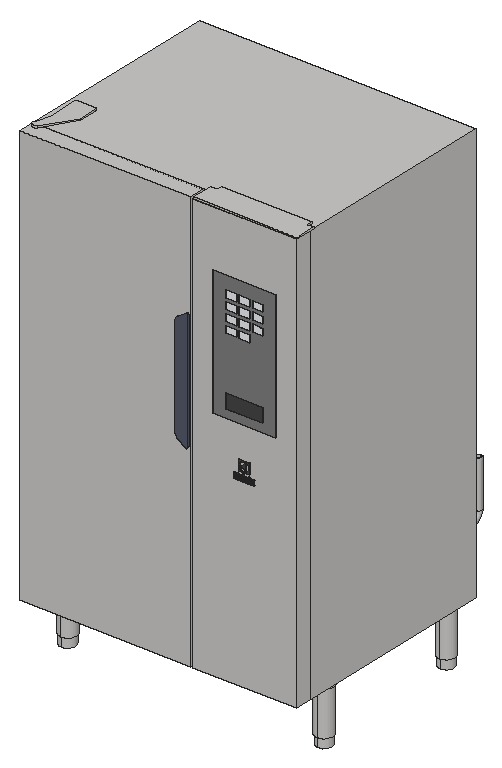
Revit family "QF_ELECTROLUXPROFESSIONAL_725165_EBFA21RECO", category Specialty Equipment, Revit 2018
Family settings
  Round Connector Dimension = Use Diameter
  Part Type = Normal
  Work Plane-Based = No
  Always vertical = Yes
  Cut with Voids When Loaded = No
  Shared = No
  Room Calculation Point = No
Parameters
  Weight = 41.1492 lbm
  Watts = 0 W
  Volts = 0 V
  URL Manufacturer = ""
  URL = "http://professional.electrolux.com/"
  Steam Supply Size = 0"
  Steam Supply Minimum Pressure = 0.00 psi
  Steam Supply Maximum Pressure = 0.00 psi
  Steam Pounds per Hour = 0
  Refrigeration Suction Line Size = 0.05249"
  Refrigeration Liquid Line Size = 0.03117"
  Refrigerant Compressor Remote = yes
  Phase = 0
  Model = "AOF4011RD"
  Manufacturer = "Electrolux"
  Length Actual = 1040.0 mm  # constant formula
  Item Number = ""
  Hot Water Size = 0"
  Height Actual = 1741.0 mm  # constant formula
  HP = "4 HP"
  Gas Size = 0"
  Gas KW = 0
  Gas Input Pressure = 0.0 Btu/h
  Direct Waste Size = 1/2"
  Description = "BLAST CH/FRE ROLL-IN 2x20GN1/1 LW RD-USB"
  Depth Actual = 850.0 mm  # constant formula
  Cycle = 0 Hz
  Condensate Return Size = 0"
  Compressed Air Volume = 0 GPM
  Compressed Air Size = 0"
  Compressed Air Pressure = 0.00 psi
  Cold Water Size = 0"
  Accessory = yes
Reference planes
  plane 1 "BACK": y = -64
  plane 2: z = 0
  plane 3 "LEFT": x = 0
  plane 4 "RIGHT": x = 1040
  plane 5 "FRONT": y = -910.5
  plane 6 "TOP": z = 1793
  plane 7 "Center Y": x = 520
  plane 8 "Center X": y = -487.25
  plane 9: y = -1479
  plane 10 "EIz": z = 415
  plane 11 "BASE": z = 210
  plane 12 "FeetBack": y = -139.4
  plane 13: y = -733.5
  plane 14 "FeetLeftFront": x = 37.5
  plane 15: x = 1002.5
  plane 16 "FeetLeftBack": x = 52
  plane 17: x = 988
  plane 18 "RIx": x = 730
  plane 19 "ROx": x = 946
  plane 20 "RIz": z = 365.61
  plane 21 "DrainX": x = 633.5
  plane 22 "DrainY": y = -444
Forms (mm)
  Extrusion 1, solid, material "QF_Finishes_Stainless Steel"
    sketch origin (0, 0, 0) x (0, 1, 0) y (0, 0, 1)
      loop
        line (-64, 210.1) -> (-64, 1793) -> (-848.747, 1793) -> (-848.747, 210.1) -> (-64, 210.1)
    from 0 to 1040
  Extrusion 2, solid, material "QF_Finishes_Stainless Steel"
    sketch origin (651.118, -910.5, 0) x (1, 0, 0) y (0, 0, 1)
      loop
        line (-651.118, 1793) -> (-651.118, 828.78) -> (-651.118, 210.1) -> (-9.962, 210.1) -> (-9.962, 1793) -> (-651.118, 1793)
    from 0 to -61.753
  Extrusion 3, solid, material "QF_Finishes_Stainless Steel"
    sketch origin (651.118, -910.5, 0) x (1, 0, 0) y (0, 0, 1)
      loop
        line (0, 210.1) -> (388.882, 210.1) -> (388.882, 1793) -> (0, 1793) -> (0, 210.1)
      loop
        line (74.695, 1577.188) -> (74.695, 1094.488) -> (312.395, 1094.488) -> (312.395, 1577.188) -> (74.695, 1577.188)
    from 0 to -61.753
  Extrusion 4, solid, material "QF_Finishes_Grey"
    sketch origin (651.118, -910.5, 81.083) x (1, 0, 0) y (0, 0, 1)
      loop
        line (312.395, 1496.105) -> (74.695, 1496.105) -> (74.695, 1013.405) -> (312.395, 1013.405) -> (312.395, 1496.105)
      loop
        line (263.545, 1046.973) -> (263.545, 1098.955) -> (123.545, 1098.955) -> (123.545, 1046.973) -> (263.545, 1046.973)
      loop
        line (173.545, 1446.105) -> (173.545, 1421.105) -> (213.545, 1421.105) -> (213.545, 1446.105) -> (173.545, 1446.105)
      loop
        line (223.545, 1446.105) -> (223.545, 1421.105) -> (263.545, 1421.105) -> (263.545, 1446.105) -> (223.545, 1446.105)
      loop
        line (163.545, 1446.105) -> (123.545, 1446.105) -> (123.545, 1421.105) -> (163.545, 1421.105) -> (163.545, 1446.105)
      loop
        line (173.545, 1406.105) -> (173.545, 1381.105) -> (213.545, 1381.105) -> (213.545, 1406.105) -> (173.545, 1406.105)
      loop
        line (223.545, 1406.105) -> (223.545, 1381.105) -> (263.545, 1381.105) -> (263.545, 1406.105) -> (223.545, 1406.105)
      loop
        line (163.545, 1406.105) -> (123.545, 1406.105) -> (123.545, 1381.105) -> (163.545, 1381.105) -> (163.545, 1406.105)
      loop
        line (173.545, 1366.105) -> (173.545, 1341.105) -> (213.545, 1341.105) -> (213.545, 1366.105) -> (173.545, 1366.105)
      loop
        line (223.545, 1366.105) -> (223.545, 1341.105) -> (263.545, 1341.105) -> (263.545, 1366.105) -> (223.545, 1366.105)
      loop
        line (163.545, 1366.105) -> (123.545, 1366.105) -> (123.545, 1341.105) -> (163.545, 1341.105) -> (163.545, 1366.105)
      loop
        line (173.545, 1326.105) -> (173.545, 1301.105) -> (213.545, 1301.105) -> (213.545, 1326.105) -> (173.545, 1326.105)
      loop
        line (163.545, 1326.105) -> (123.545, 1326.105) -> (123.545, 1301.105) -> (163.545, 1301.105) -> (163.545, 1326.105)
    from 0 to -61.753
  Extrusion 5, solid, material "QF_Door-Drawer Clearances", detail levels coarse
    sketch origin (-360, -1275, 0) x (1, 0, 0) y (0, 1, 0)
      loop
        line (394.7, 364.5) -> (394.7, -204)
        arc (394.7, -204) -> (806.39, -35.454) -> (1001.155, 364.5) r 623.917
        line (1001.155, 364.5) -> (394.7, 364.5)
    from 210.1 to 1793
  Extrusion 6, solid, material "QF_Door-Drawer Clearances", detail levels coarse
    sketch origin (-360, -1275, 0) x (1, 0, 0) y (0, 1, 0)
      loop
        line (394.7, -204) -> (394.7, -179) -> (409.7, -179) -> (409.7, 364.229) -> (359.85, 364.229) -> (359.85, 436) -> (325, 436) -> (325, -204) -> (394.7, -204)
    from 210.1 to 1793
  Extrusion 7, solid, material "QF_Finishes_White"
    sketch origin (651.118, -910.5, 81.083) x (1, 0, 0) y (0, 0, 1)
      loop
        line (123.545, 1446.105) -> (123.545, 1421.105) -> (163.545, 1421.105) -> (163.545, 1446.105) -> (123.545, 1446.105)
      loop
        line (173.545, 1446.105) -> (173.545, 1421.105) -> (213.545, 1421.105) -> (213.545, 1446.105) -> (173.545, 1446.105)
      loop
        line (223.545, 1446.105) -> (223.545, 1421.105) -> (263.545, 1421.105) -> (263.545, 1446.105) -> (223.545, 1446.105)
      loop
        line (123.545, 1406.105) -> (123.545, 1381.105) -> (163.545, 1381.105) -> (163.545, 1406.105) -> (123.545, 1406.105)
      loop
        line (173.545, 1406.105) -> (173.545, 1381.105) -> (213.545, 1381.105) -> (213.545, 1406.105) -> (173.545, 1406.105)
      loop
        line (223.545, 1406.105) -> (223.545, 1381.105) -> (263.545, 1381.105) -> (263.545, 1406.105) -> (223.545, 1406.105)
      loop
        line (123.545, 1366.105) -> (123.545, 1341.105) -> (163.545, 1341.105) -> (163.545, 1366.105) -> (123.545, 1366.105)
      loop
        line (173.545, 1366.105) -> (173.545, 1341.105) -> (213.545, 1341.105) -> (213.545, 1366.105) -> (173.545, 1366.105)
      loop
        line (223.545, 1366.105) -> (223.545, 1341.105) -> (263.545, 1341.105) -> (263.545, 1366.105) -> (223.545, 1366.105)
      loop
        line (123.545, 1326.105) -> (123.545, 1301.105) -> (163.545, 1301.105) -> (163.545, 1326.105) -> (123.545, 1326.105)
      loop
        line (173.545, 1326.105) -> (173.545, 1301.105) -> (213.545, 1301.105) -> (213.545, 1326.105) -> (173.545, 1326.105)
    from 0 to -8.871
  Extrusion 8, solid, material "QF_Finishes_Black"
    sketch origin (651.118, -910.5, 81.083) x (1, 0, 0) y (0, 0, 1)
      loop
        line (123.545, 1098.955) -> (123.545, 1046.973) -> (263.545, 1046.973) -> (263.545, 1098.955) -> (123.545, 1098.955)
    from 0 to -8.871
  Extrusion 9, solid, material "QF_Finishes_Stainless Steel"
    sketch origin (0, -64, 0) x (1, 0, 0) y (0, 0, 1)
      loop
        circle (520, 415) r 10
    from 0 to -5
  Extrusion 10, solid, material "QF_Clearances", detail levels coarse
    sketch origin (0, 0, 0) x (1, 0, 0) y (0, 1, 0)
      loop
        line (0, -910.5) -> (0, -64) -> (1040, -64) -> (1040, -910.5) -> (1140, -910.5) -> (1140, 96) -> (-100, 96) -> (-100, -910.5) -> (0, -910.5)
    from 0 to 1893
  Extrusion 11, solid, material "QF_Clearances", detail levels coarse
    sketch origin (0, 0, 1793) x (-1, 0, 0) y (0, -1, 0)
      loop
        line (100, -96) -> (100, 910.5) -> (-1140, 910.5) -> (-1140, -96) -> (100, -96)
    from 0 to 100
  Extrusion 12, solid, material "QF_Finishes_Black"
    sketch origin (651.118, -910.5, 81.083) x (1, 0, 0) y (0, 0, 1)
      loop
        line (198.886, 891.637) -> (198.886, 855.696)
        arc (198.886, 855.696) -> (212.172, 873.667) -> (198.886, 891.637) r 18.797
      loop
        arc (197.503, 891.752) -> (182.352, 888.541) -> (174.926, 874.95) r 18.539
        line (174.926, 874.95) -> (183.03, 874.95)
        arc (183.03, 874.95) -> (192.557, 879.545) -> (197.503, 888.895) r 16.944
        line (197.503, 888.895) -> (197.503, 891.752)
      loop
        arc (197.058, 858.298) -> (191.478, 868.313) -> (180.856, 872.625) r 17.266
        line (180.856, 872.625) -> (174.909, 872.625)
        arc (174.909, 872.625) -> (182.099, 858.981) -> (197.058, 855.234) r 18.903
        line (197.058, 855.234) -> (197.058, 858.298)
      loop
        line (173.545, 893.599) -> (173.545, 853.653) -> (213.545, 853.653) -> (213.545, 893.599) -> (173.545, 893.599)
    from 0 to 1.6
  Extrusion 13, solid, material "QF_Finishes_Black"
    sketch origin (651.118, -910.5, 81.083) x (1, 0, 0) y (0, 0, 1)
      loop
        line (163.536, 845.44) -> (156.1, 845.44) -> (156.1, 836.781)
        arc (156.1, 836.781) -> (157.078, 834.418) -> (159.441, 833.44) r 3.341
        line (159.441, 833.44) -> (163.68, 833.44) -> (163.68, 835.382) -> (159.925, 835.382)
        arc (159.925, 835.382) -> (158.691, 835.799) -> (158.166, 836.991) r 1.615
        line (158.166, 836.991) -> (158.166, 838.708) -> (163.214, 838.708) -> (163.214, 840.658) -> (158.166, 840.658) -> (158.166, 843.496) -> (163.536, 843.496) -> (163.536, 845.44)
      loop
        line (165.148, 845.44) -> (165.148, 833.44) -> (167.215, 833.44) -> (167.215, 845.44) -> (165.148, 845.44)
      loop
        line (210.04, 845.44) -> (210.04, 833.44) -> (212.108, 833.44) -> (212.108, 845.44) -> (210.04, 845.44)
      loop
        line (170.633, 837.272) -> (177.415, 837.272)
        arc (177.415, 837.272) -> (176.355, 840.998) -> (172.726, 842.357) r 4.298
        arc (172.726, 842.357) -> (169.531, 840.736) -> (168.619, 837.272) r 4.373
        arc (168.619, 837.272) -> (169.819, 834.375) -> (172.716, 833.174) r 4.097
        arc (172.716, 833.174) -> (174.971, 833.507) -> (176.862, 834.78) r 5.15
        line (176.862, 834.78) -> (175.637, 836.004)
        arc (175.637, 836.004) -> (174.03, 835.04) -> (172.163, 835.202) r 3.039
        arc (172.163, 835.202) -> (171.024, 835.961) -> (170.633, 837.272) r 2.013
      loop
        line (170.685, 838.725) -> (175.339, 838.725)
        arc (175.339, 838.725) -> (174.685, 840.099) -> (173.25, 840.606) r 1.983
        arc (173.25, 840.606) -> (171.595, 840.174) -> (170.685, 838.725) r 2.321
      loop
        line (185.473, 839.59) -> (186.77, 840.888)
        arc (186.77, 840.888) -> (185.143, 842.066) -> (183.165, 842.418) r 4.497
        arc (183.165, 842.418) -> (180.149, 841.316) -> (178.565, 838.521) r 4.652
        arc (178.565, 838.521) -> (181.234, 833.622) -> (186.697, 834.752) r 4.684
        line (186.697, 834.752) -> (185.407, 836.042)
        arc (185.407, 836.042) -> (182.621, 835.121) -> (180.625, 837.272) r 2.714
        arc (180.625, 837.272) -> (180.764, 838.973) -> (181.935, 840.214) r 2.578
        arc (181.935, 840.214) -> (183.809, 840.5) -> (185.473, 839.59) r 2.961
      loop
        line (188.04, 845.44) -> (188.04, 837.239)
        arc (188.04, 837.239) -> (188.219, 836.009) -> (188.679, 834.854) r 5.301
        arc (188.679, 834.854) -> (190.155, 833.681) -> (192.023, 833.434) r 3.531
        line (192.023, 833.434) -> (192.023, 835.371)
        arc (192.023, 835.371) -> (191.468, 835.413) -> (190.95, 835.619) r 1.862
        arc (190.95, 835.619) -> (190.285, 836.321) -> (190.107, 837.272) r 1.713
        line (190.107, 837.272) -> (190.107, 840.241) -> (191.985, 840.241) -> (191.985, 842.119) -> (190.107, 842.119) -> (190.107, 845.44) -> (188.04, 845.44)
      loop
        arc (195.774, 838.002) -> (195.922, 838.867) -> (196.348, 839.634) r 2.607
        arc (196.348, 839.634) -> (197.586, 840.27) -> (198.978, 840.241) r 2.84
        line (198.978, 840.241) -> (198.978, 842.228)
        arc (198.978, 842.228) -> (197.16, 842.056) -> (195.774, 840.868) r 3.016
        line (195.774, 840.868) -> (195.774, 842.119) -> (193.724, 842.119) -> (193.724, 833.44) -> (195.774, 833.44) -> (195.774, 838.002)
      loop
        circle (204.032, 837.778) r 4.599
      loop
        circle (204.032, 837.778) r 2.787
      loop
        arc (219.563, 837.054) -> (219.053, 835.651) -> (217.668, 835.092) r 1.835
        arc (217.668, 835.092) -> (216.284, 835.651) -> (215.773, 837.054) r 1.835
        line (215.773, 837.054) -> (215.773, 842.119) -> (213.689, 842.119) -> (213.689, 836.882)
        arc (213.689, 836.882) -> (214.875, 834.178) -> (217.668, 833.22) r 3.675
        arc (217.668, 833.22) -> (220.492, 834.207) -> (221.647, 836.967) r 3.675
        line (221.647, 836.967) -> (221.647, 842.119) -> (219.563, 842.119) -> (219.563, 837.054)
      loop
        line (222.896, 842.119) -> (225.898, 838.043) -> (222.6, 833.437) -> (224.822, 833.437) -> (227.011, 836.494) -> (229.232, 833.437) -> (231.44, 833.437) -> (228.189, 838.091) -> (231.161, 842.119) -> (228.905, 842.119) -> (227.004, 839.542) -> (225.132, 842.119) -> (222.896, 842.119)
      loop
        line (157.262, 828.465) -> (155.614, 828.465) -> (155.614, 824.315) -> (156.516, 824.315) -> (156.516, 825.744) -> (157.513, 825.744)
        arc (157.513, 825.744) -> (158.628, 827.219) -> (157.262, 828.465) r 1.372
      loop
        arc (157.474, 826.559) -> (157.815, 827.093) -> (157.474, 827.626) r 0.587
        line (157.474, 827.626) -> (156.516, 827.626) -> (156.516, 826.559) -> (157.474, 826.559)
      loop
        line (163.774, 828.465) -> (162.098, 828.465) -> (162.098, 824.315) -> (163, 824.315) -> (163, 825.744) -> (163.872, 825.744) -> (164.469, 824.315) -> (165.437, 824.315) -> (164.621, 826.065)
        arc (164.621, 826.065) -> (165.013, 826.532) -> (165.144, 827.127) r 1.281
        arc (165.144, 827.127) -> (164.731, 828.075) -> (163.774, 828.465) r 1.37
      loop
        line (163, 827.626) -> (163, 826.559) -> (163.957, 826.559)
        arc (163.957, 826.559) -> (164.299, 827.093) -> (163.957, 827.626) r 0.587
        line (163.957, 827.626) -> (163, 827.626)
      loop
        circle (170.736, 826.39) r 2.156
      loop
        circle (170.736, 826.39) r 1.368
      loop
        line (176.435, 828.465) -> (176.435, 824.315) -> (177.315, 824.315) -> (177.315, 825.765) -> (178.877, 825.765) -> (178.877, 826.695) -> (177.315, 826.695) -> (177.315, 827.571) -> (179.026, 827.571) -> (179.026, 828.465) -> (176.435, 828.465)
      loop
        line (182.526, 828.465) -> (182.526, 825.663)
        arc (182.526, 825.663) -> (182.909, 824.713) -> (183.854, 824.318) r 1.327
        line (183.854, 824.318) -> (185.193, 824.318) -> (185.193, 825.102) -> (183.934, 825.102)
        arc (183.934, 825.102) -> (183.47, 825.485) -> (183.379, 826.08) r 0.845
        line (183.379, 826.08) -> (185.038, 826.08) -> (185.038, 826.864) -> (183.379, 826.864) -> (183.379, 827.681) -> (185.153, 827.681) -> (185.153, 828.465) -> (182.526, 828.465)
      loop
        arc (197.555, 827.939) -> (197.005, 828.39) -> (196.309, 828.534) r 1.485
        arc (196.309, 828.534) -> (195.666, 828.376) -> (195.137, 827.977) r 1.645
        arc (195.137, 827.977) -> (195.039, 827.035) -> (195.647, 826.308) r 1.217
        arc (195.647, 826.308) -> (196.158, 826.138) -> (196.643, 825.903) r 4.201
        arc (196.643, 825.903) -> (196.95, 825.542) -> (196.739, 825.118) r 0.43
        arc (196.739, 825.118) -> (196.347, 825.026) -> (195.956, 825.125) r 0.846
        arc (195.956, 825.125) -> (195.619, 825.368) -> (195.413, 825.729) r 0.983
        line (195.413, 825.729) -> (194.687, 825.39)
        arc (194.687, 825.39) -> (194.948, 824.886) -> (195.37, 824.505) r 1.595
        arc (195.37, 824.505) -> (195.848, 824.301) -> (196.365, 824.249) r 1.719
        arc (196.365, 824.249) -> (197.004, 824.377) -> (197.58, 824.682) r 2.246
        arc (197.58, 824.682) -> (197.834, 825.359) -> (197.703, 826.07) r 1.349
        arc (197.703, 826.07) -> (197.419, 826.397) -> (197.057, 826.634) r 1.564
        arc (197.057, 826.634) -> (196.598, 826.839) -> (196.127, 827.015) r 8.236
        arc (196.127, 827.015) -> (195.855, 827.438) -> (196.248, 827.751) r 0.375
        arc (196.248, 827.751) -> (196.719, 827.638) -> (197.081, 827.317) r 0.998
        line (197.081, 827.317) -> (197.555, 827.939)
      loop
        line (201.362, 828.465) -> (201.362, 824.318) -> (202.215, 824.318) -> (202.215, 828.465) -> (201.362, 828.465)
      loop
        circle (207.964, 826.391) r 1.29
      loop
        circle (207.964, 826.391) r 2.154
      loop
        line (213.685, 824.318) -> (214.547, 824.318) -> (214.547, 826.925) -> (216.444, 824.318) -> (217.273, 824.318) -> (217.273, 828.465) -> (216.411, 828.465) -> (216.411, 825.778) -> (214.514, 828.465) -> (213.685, 828.465) -> (213.685, 824.318)
      loop
        line (221.572, 824.318) -> (221.976, 825.212) -> (223.51, 825.212) -> (223.914, 824.318) -> (224.831, 824.318) -> (223.079, 828.465) -> (222.279, 828.465) -> (220.657, 824.318) -> (221.572, 824.318)
      loop
        line (223.128, 826.063) -> (222.717, 826.974) -> (222.318, 826.063) -> (223.128, 826.063)
      loop
        line (229.066, 825.102) -> (229.066, 828.465) -> (228.213, 828.465) -> (228.213, 824.318) -> (230.661, 824.318) -> (230.661, 825.102) -> (229.066, 825.102)
      loop
        arc (191.337, 827.939) -> (190.787, 828.39) -> (190.091, 828.534) r 1.485
        arc (190.091, 828.534) -> (189.448, 828.376) -> (188.92, 827.977) r 1.645
        arc (188.92, 827.977) -> (188.822, 827.035) -> (189.43, 826.308) r 1.217
        arc (189.43, 826.308) -> (189.941, 826.138) -> (190.426, 825.903) r 4.201
        arc (190.426, 825.903) -> (190.732, 825.542) -> (190.521, 825.118) r 0.43
        arc (190.521, 825.118) -> (190.129, 825.026) -> (189.739, 825.125) r 0.846
        arc (189.739, 825.125) -> (189.402, 825.368) -> (189.195, 825.729) r 0.983
        line (189.195, 825.729) -> (188.469, 825.39)
        arc (188.469, 825.39) -> (188.731, 824.886) -> (189.152, 824.505) r 1.595
        arc (189.152, 824.505) -> (189.63, 824.301) -> (190.147, 824.249) r 1.719
        arc (190.147, 824.249) -> (190.787, 824.377) -> (191.362, 824.682) r 2.246
        arc (191.362, 824.682) -> (191.617, 825.359) -> (191.486, 826.07) r 1.349
        arc (191.486, 826.07) -> (191.202, 826.397) -> (190.839, 826.634) r 1.564
        arc (190.839, 826.634) -> (190.38, 826.839) -> (189.91, 827.015) r 8.236
        arc (189.91, 827.015) -> (189.638, 827.438) -> (190.031, 827.751) r 0.375
        arc (190.031, 827.751) -> (190.501, 827.638) -> (190.863, 827.317) r 0.998
        line (190.863, 827.317) -> (191.337, 827.939)
    from 0 to 1.6
  Extrusion 14, solid, material "QF_Finishes_Stainless Steel"
    sketch origin (0, 0, 1793) x (-1, 0, 0) y (0, -1, 0)
      loop
        line (-99.3, 749.3) -> (-99.3, 679.099)
        arc (-99.3, 679.099) -> (-97.799, 675.528) -> (-94.197, 674.1) r 5
        line (-94.197, 674.1) -> (-26.298, 674.1)
        arc (-26.298, 674.1) -> (-22.764, 675.566) -> (-21.3, 679.101) r 5
        line (-21.3, 679.101) -> (-21.3, 789.5) -> (-4.967, 849.895)
        arc (-4.967, 849.895) -> (-9.747, 868.545) -> (-28.456, 863.999) r 13.7
        line (-28.456, 863.999) -> (-99.3, 749.3)
      loop
        line (-677.6, 810.5) -> (-675.6, 828.4) -> (-653.1, 831) -> (-653.1, 910.5) -> (-1040, 910.5) -> (-1040, 830) -> (-1017.6, 830) -> (-1017.6, 810.5) -> (-677.6, 810.5)
    from 0 to 5
  Extrusion 15, solid, material "QF_Door-Drawer Clearances", detail levels coarse
    sketch origin (-360, -1275, 0) x (1, 0, 0) y (0, 1, 0)
      loop
        line (366.986, -204) -> (366.986, -217) -> (391.986, -217) -> (391.986, -204) -> (366.986, -204)
    from 974.682 to 1382.188
  Revolve 16, solid, material "QF_Finishes_Stainless Steel"
    sketch origin (37.5, 0, 0) x (0, 0, -1) y (0, -1, 0)
      loop
        line (-205.5, 701.75) -> (-35.5, 701.75) -> (-35.5, 705.1) -> (0, 705.1) -> (0, 733.5) -> (-210.1, 733.5) -> (-210.1, 696.501) -> (-205.5, 696.501) -> (-205.5, 701.75)
      axis (-210.1, 733.5) -> (0, 733.5)
    angle from 0 to 360
  Revolve 17, solid, material "QF_Finishes_Stainless Steel"
    sketch origin (52, 0, 0) x (0, 0, -1) y (0, -1, 0)
      loop
        line (-205.5, 107.65) -> (-35.5, 107.65) -> (-35.5, 111) -> (0, 111) -> (0, 139.4) -> (-210.1, 139.4) -> (-210.1, 102.401) -> (-205.5, 102.401) -> (-205.5, 107.65)
      axis (-210.1, 139.4) -> (0, 139.4)
    angle from 0 to 360
  Revolve 18, solid, material "QF_Finishes_Stainless Steel"
    sketch origin (1002.5, 0, 0) x (0, 0, -1) y (0, 1, 0)
      loop
        line (-205.5, -701.75) -> (-205.5, -696.501) -> (-210.1, -696.501) -> (-210.1, -733.5) -> (0, -733.5) -> (0, -705.1) -> (-35.5, -705.1) -> (-35.5, -701.75) -> (-205.5, -701.75)
      axis (-210.1, -733.5) -> (0, -733.5)
    angle from 0 to 360
  Revolve 19, solid, material "QF_Finishes_Stainless Steel"
    sketch origin (988, 0, 0) x (0, 0, -1) y (0, 1, 0)
      loop
        line (-205.5, -107.65) -> (-205.5, -102.401) -> (-210.1, -102.401) -> (-210.1, -139.4) -> (0, -139.4) -> (0, -111) -> (-35.5, -111) -> (-35.5, -107.65) -> (-205.5, -107.65)
      axis (-210.1, -139.4) -> (0, -139.4)
    angle from 0 to 360
  Extrusion 20, solid, material "QF_Finishes_Navy Blue"
    sketch origin (651.118, -910.5, 0) x (1, 0, 0) y (0, 0, 1)
      loop
        line (-65.017, 1359.618) -> (-65.017, 985.606)
        arc (-65.017, 985.606) -> (-62.635, 976.147) -> (-56.061, 968.94) r 20
        line (-56.061, 968.94) -> (-19.198, 944.772) -> (-17.67, 949.786) -> (-17.67, 1395.438) -> (-19.281, 1400.726) -> (-56.141, 1376.239)
        arc (-56.141, 1376.239) -> (-62.659, 1369.04) -> (-65.017, 1359.618) r 19.999
    from 0 to 4.256
  Sweep 21, solid, material "QF_Finishes_Stainless Steel"
    path origin (946, 0, 0) x (0, 1, 0) y (0, 0, 1)
      loop
        line (-64, 388.11) -> (31, 388.11)
        arc (31, 388.11) -> (55.042, 398.068) -> (65, 422.11) r 34
        line (65, 422.11) -> (65, 597.11)
    profile origin (946, 65, 509.61) x (0, -1, 0) y (1, 0, 0)
      loop
        circle (0, 0) r 11
      loop
        circle (0, 0) r 9.5
  Sweep 22, solid, material "QF_Finishes_Stainless Steel"
    path origin (0, 0, 365.61) x (-1, 0, 0) y (0, -1, 0)
      loop
        line (-722, -34) -> (-928, -34)
        arc (-928, -34) -> (-940.728, -28.728) -> (-946, -16) r 18
        line (-946, -16) -> (-946, 64)
    profile origin (825, 34, 365.61) x (0, 1, 0) y (0, 0, 1)
      loop
        circle (0, 0) r 4
  Sweep 23, solid, material "QF_Finishes_Stainless Steel"
    path origin (730, 0, 0) x (0, 1, 0) y (0, 0, 1)
      loop
        line (34, 365.61) -> (34, 261.36)
    profile origin (730, 34, 313.485) x (1, 0, 0) y (0, 1, 0)
      loop
        circle (0, 0) r 4
      loop
        circle (0, 0) r 3
  Extrusion 24, solid, material "QF_Finishes_Stainless Steel"
    sketch origin (0, 0, 210) x (-1, 0, 0) y (0, -1, 0)
      loop
        circle (-633.5, 444) r 13.25
      loop
        circle (-633.5, 444) r 11.5
    from 0 to -40.5
Cuts and joins
  joined: Sweep 22, Sweep 23
Lines and regions (mm)
  symbolic lines
    curve 1: line (463.649, -64, 0) -> (1040, -64, 0)
    curve 2: line (0, -910.5, 0) -> (0, -64, 0)
    curve 3: line (1040, -910.5, 0) -> (0, -910.5, 0)
    curve 4: line (1040, -64, 0) -> (1040, -910.5, 0)
    curve 7: line (0, -910.5, 1793) -> (0, -64, 1793)
    curve 8: line (0, -910.5, 1793) -> (1040, -910.5, 1793)
    curve 9: line (1040, -64, 1793) -> (1040, -910.5, 1793)
    curve 10: line (1040, -64, 1793) -> (0, -64, 1793)
    curve 31: line (37.876, -848.747, 210) -> (653.1, -848.747, 210)
  symbolic lines, style "QF_Clearances"
    curve 5: line (-100, 96, 1793) -> (-100, -910.5, 1793)
    curve 6: line (1140, -910.5, 1793) -> (1140, 96, 1793)
    curve 11: line (-100, 96, 1793) -> (1140, 96, 1793)
  model lines
    curve 12: line (730, 33.787, 365.61) -> (730, 33.787, 261.36)
  symbolic lines, style "SpecialityEquipmentHiddenLines"
    curve 13: arc (34.7, -1479, 365.61) -> (446.39, -1310.454, 365.61) -> (641.155, -910.5, 365.61) r 623.917
    curve 32: line (-0.15, -839, 210) -> (-35, -839, 210)
    curve 33: line (-35, -839, 210) -> (-35, -1479, 210)
    curve 34: line (-35, -1479, 210) -> (34.7, -1479, 210)
    curve 35: line (6.986, -1479, 210) -> (6.986, -1492, 210)
    curve 36: line (6.986, -1492, 210) -> (31.986, -1492, 210)
    curve 37: line (31.986, -1492, 210) -> (31.986, -1479, 210)
    curve 38: line (34.7, -1454, 210) -> (49.7, -1454, 210)
    curve 39: line (49.7, -1454, 210) -> (49.7, -910.771, 210)
    curve 40: line (34.7, -910.5, 210) -> (34.7, -1479, 210)
    curve 42: line (722, 30, 210) -> (722, 38, 210)
    curve 46: line (957, 65, 210) -> (957, -64, 210)
    curve 47: line (935, 65, 210) -> (935, -64, 210)
  symbolic lines, style "SpecialityEquipment"
    curve 14: line (28.456, -863.999, 210) -> (99.3, -749.3, 210)
    curve 15: line (99.3, -749.3, 210) -> (99.3, -679.099, 210)
    curve 16: arc (99.3, -679.099, 210) -> (97.799, -675.528, 210) -> (94.197, -674.1, 210) r 5
    curve 17: line (94.197, -674.1, 210) -> (26.298, -674.1, 210)
    curve 18: arc (26.298, -674.1, 210) -> (22.764, -675.566, 210) -> (21.3, -679.101, 210) r 5
    curve 19: line (21.3, -679.101, 210) -> (21.3, -789.5, 210)
    curve 20: line (21.3, -789.5, 210) -> (4.967, -849.895, 210)
    curve 21: arc (4.967, -849.895, 210) -> (9.747, -868.545, 210) -> (28.456, -863.999, 210) r 13.7
    curve 22: line (675.6, -828.4, 210) -> (653.1, -831, 210)
    curve 23: line (677.6, -810.5, 210) -> (675.6, -828.4, 210)
    curve 24: line (1017.6, -810.5, 210) -> (677.6, -810.5, 210)
    curve 25: line (1017.6, -830, 210) -> (1017.6, -810.5, 210)
    curve 26: line (1040, -830, 210) -> (1017.6, -830, 210)
    curve 27: line (653.1, -831, 210) -> (653.1, -910.5, 210)
    curve 28: line (641.155, -848.747, 210) -> (37.876, -848.747, 210)
    curve 29: line (641.155, -910.5, 210) -> (641.155, -848.747, 210)
    curve 30: line (651.118, -848.747, 210) -> (651.118, -910.5, 210)
    curve 41: arc (935, 65, 210) -> (946, 76, 210) -> (957, 65, 210) r 11
    curve 43: arc (734, 34, 210) -> (726, 34.005, 210) -> (734, 34, 210) r 4
    curve 44: line (722, 38, 210) -> (935, 38, 210)
    curve 45: line (722, 30, 210) -> (935, 30, 210)
Dimensions and locks
  equal spacing: plane 3 "LEFT", plane 7 "Center Y", plane 4 "RIGHT"
  plane 3 "LEFT" to plane 4 "RIGHT" = 1040.0 mm
  equal spacing: plane 5 "FRONT", plane 8 "Center X", plane 1 "BACK"
  plane 5 "FRONT" to plane 1 "BACK" = 846.5 mm
  plane 6 "TOP" to level = 1793.0 mm
  plane 4 "RIGHT" to plane 3 "LEFT" = 1040.0 mm  (x2)
  plane 1 "BACK" to plane 5 "FRONT" = 846.5 mm
  Extrusion 11 to plane 3 "LEFT" = 100.0 mm
  plane 4 "RIGHT" to Extrusion 11 = 100.0 mm
  plane 9 to plane 1 "BACK" = 1415.0 mm
  plane 11 "BASE" to level = 210.0 mm
  plane 10 "EIz" to level = 415.0 mm
  Extrusion 11 to plane 6 "TOP" = 100.0 mm
  plane 3 "LEFT" to Extrusion 2 = 641.155 mm
  Extrusion 6 to plane 3 "LEFT" = 35.0 mm
  plane 3 "LEFT" to Extrusion 15 = 31.986 mm
  plane 14 "FeetLeftFront" to plane 3 "LEFT" = 37.5 mm
  plane 15 to plane 4 "RIGHT" = 37.5 mm
  plane 16 "FeetLeftBack" to plane 3 "LEFT" = 52.0 mm
  plane 17 to plane 4 "RIGHT" = 52.0 mm
  Sweep 21 sketch curve to Extrusion 10 = 129.0 mm
  plane 18 "RIx" to plane 4 "RIGHT" = 310.0 mm
  plane 19 "ROx" to plane 4 "RIGHT" = 94.0 mm
  plane 21 "DrainX" to plane 4 "RIGHT" = 406.5 mm
  plane 22 "DrainY" to plane 1 "BACK" = 380.0 mm
  aligned and locked: level to plane 2
Automatic sketch dimensions
  curve 3 to plane 3 "LEFT" = 0.0 mm
  plane 1 "BACK" to curve 1 = 0.0 mm
  curve 3 to plane 4 "RIGHT" = 0.0 mm
  plane 5 "FRONT" to curve 3 = 0.0 mm
  plane 1 "BACK" to curve 2 = 0.0 mm
  curve 1 to plane 7 "Center Y" = 56.351 mm
  level to Extrusion 1 sketch curve = 210.1 mm
  Extrusion 1 sketch curve to plane 6 "TOP" = 0.0 mm
  Extrusion 1 sketch curve to plane 1 "BACK" = 0.0 mm
  Extrusion 1 sketch curve to plane 5 "FRONT" = 61.753 mm
  Extrusion 2 sketch curve to plane 3 "LEFT" = 0.0 mm
  Extrusion 2 sketch curve to plane 6 "TOP" = 0.0 mm
  plane 11 "BASE" to Extrusion 2 sketch curve = 0.1 mm
  plane 7 "Center Y" to Extrusion 2 sketch curve = 121.155 mm
  Extrusion 2 sketch curve to plane 10 "EIz" = 413.78 mm
  Extrusion 3 sketch curve to plane 6 "TOP" = 0.0 mm
  plane 4 "RIGHT" to Extrusion 3 sketch curve = 0.0 mm
  Extrusion 3 sketch curve to plane 17 = 24.487 mm
  plane 7 "Center Y" to Extrusion 3 sketch curve = 205.813 mm
  plane 11 "BASE" to Extrusion 3 sketch curve = 0.1 mm
  plane 7 "Center Y" to Extrusion 3 sketch curve = 131.118 mm
  Extrusion 3 sketch curve to plane 10 "EIz" = 679.488 mm
  Extrusion 3 sketch curve to plane 6 "TOP" = 215.812 mm
  plane 7 "Center Y" to Extrusion 4 sketch curve = 205.813 mm
  Extrusion 4 sketch curve to Extrusion 4 sketch curve = 48.85 mm  (x2)
  Extrusion 4 sketch curve to Extrusion 4 sketch curve = 0.0 mm  (x16)
  Extrusion 4 sketch curve to Extrusion 4 sketch curve = 40.0 mm  (x6)
  Extrusion 4 sketch curve to Extrusion 4 sketch curve = 10.0 mm  (x7)
  Extrusion 4 sketch curve to plane 17 = 73.337 mm
  Extrusion 4 sketch curve to plane 17 = 24.487 mm
  Extrusion 4 sketch curve to plane 10 "EIz" = 679.488 mm
  Extrusion 4 sketch curve to Extrusion 4 sketch curve = 33.568 mm
  Extrusion 4 sketch curve to Extrusion 4 sketch curve = 51.983 mm
  Extrusion 4 sketch curve to Extrusion 4 sketch curve = 202.149 mm
  Extrusion 4 sketch curve to Extrusion 4 sketch curve = 25.0 mm  (x8)
  Extrusion 4 sketch curve to Extrusion 4 sketch curve = 15.0 mm  (x5)
  Extrusion 4 sketch curve to Extrusion 4 sketch curve = 50.0 mm
  Extrusion 5 sketch curve to plane 9 = 0.0 mm
  plane 5 "FRONT" to Extrusion 5 sketch curve = 0.0 mm
  Extrusion 5 sketch curve to plane 14 "FeetLeftFront" = 17.811 mm
  Extrusion 5 sketch curve to plane 14 "FeetLeftFront" = 2.8 mm
  Extrusion 5 sketch curve to plane 7 "Center Y" = 121.155 mm
  Extrusion 6 sketch curve to plane 9 = 0.0 mm
  plane 3 "LEFT" to Extrusion 6 sketch curve = 35.0 mm
  plane 3 "LEFT" to Extrusion 6 sketch curve = 0.15 mm
  Extrusion 6 sketch curve to plane 14 "FeetLeftFront" = 2.8 mm
  Extrusion 6 sketch curve to plane 5 "FRONT" = 0.271 mm
  Extrusion 6 sketch curve to plane 16 "FeetLeftBack" = 2.3 mm
  plane 5 "FRONT" to Extrusion 6 sketch curve = 71.5 mm
  Extrusion 6 sketch curve to plane 9 = 25.0 mm
  Extrusion 7 sketch curve to plane 17 = 213.337 mm
  Extrusion 7 sketch curve to Extrusion 7 sketch curve = 0.0 mm  (x19)
  Extrusion 7 sketch curve to Extrusion 7 sketch curve = 40.0 mm  (x5)
  Extrusion 7 sketch curve to Extrusion 7 sketch curve = 10.0 mm  (x7)
  Extrusion 7 sketch curve to plane 6 "TOP" = 410.812 mm
  Extrusion 7 sketch curve to Extrusion 7 sketch curve = 25.0 mm  (x6)
  Extrusion 7 sketch curve to Extrusion 7 sketch curve = 15.0 mm  (x5)
  Extrusion 8 sketch curve to plane 17 = 213.337 mm
  Extrusion 8 sketch curve to plane 17 = 73.337 mm
  Extrusion 8 sketch curve to plane 6 "TOP" = 664.944 mm
  Extrusion 8 sketch curve to Extrusion 8 sketch curve = 51.983 mm
  Extrusion 9 sketch curve to plane 7 "Center Y" = 0.0 mm
  Extrusion 9 sketch curve to plane 10 "EIz" = 0.0 mm
  plane 5 "FRONT" to Extrusion 10 sketch curve = 0.0 mm  (x2)
  Extrusion 10 sketch curve to plane 3 "LEFT" = 0.0 mm
  plane 1 "BACK" to Extrusion 10 sketch curve = 0.0 mm
  Extrusion 10 sketch curve to plane 4 "RIGHT" = 0.0 mm
  Extrusion 10 sketch curve to plane 3 "LEFT" = 100.0 mm
  Extrusion 10 sketch curve to Extrusion 10 sketch curve = 100.0 mm
  Extrusion 10 sketch curve to plane 1 "BACK" = 160.0 mm
  Extrusion 11 sketch curve to plane 1 "BACK" = 160.0 mm
  plane 5 "FRONT" to Extrusion 11 sketch curve = 0.0 mm
  Extrusion 11 sketch curve to plane 4 "RIGHT" = 100.0 mm
  Extrusion 11 sketch curve to plane 3 "LEFT" = 100.0 mm
  plane 5 "FRONT" to curve 6 = 0.0 mm
  plane 1 "BACK" to curve 10 = 0.0 mm
  curve 10 to plane 4 "RIGHT" = 0.0 mm
  curve 7 to plane 3 "LEFT" = 0.0 mm
  plane 5 "FRONT" to curve 5 = 0.0 mm
  curve 11 to plane 4 "RIGHT" = 100.0 mm
  curve 11 to plane 3 "LEFT" = 100.0 mm
  curve 6 to plane 1 "BACK" = 160.0 mm
  Extrusion 12 sketch curve to plane 17 = 163.337 mm
  Extrusion 12 sketch curve to Extrusion 12 sketch curve = 1.364 mm
  Extrusion 12 sketch curve to Extrusion 12 sketch curve = 0.016 mm
  Extrusion 12 sketch curve to Extrusion 12 sketch curve = 6.496 mm
  Extrusion 12 sketch curve to Extrusion 12 sketch curve = 7.255 mm
  Extrusion 12 sketch curve to Extrusion 12 sketch curve = 5.946 mm
  Extrusion 12 sketch curve to Extrusion 12 sketch curve = 2.174 mm
  Extrusion 12 sketch curve to Extrusion 12 sketch curve = 10.345 mm
  Extrusion 12 sketch curve to Extrusion 12 sketch curve = 0.045 mm
  Extrusion 12 sketch curve to Extrusion 12 sketch curve = 0.352 mm
  Extrusion 12 sketch curve to Extrusion 12 sketch curve = 3.638 mm
  Extrusion 12 sketch curve to Extrusion 12 sketch curve = 16.703 mm
  Extrusion 12 sketch curve to Extrusion 12 sketch curve = 1.828 mm
  Extrusion 12 sketch curve to Extrusion 12 sketch curve = 14.659 mm
  Extrusion 12 sketch curve to plane 10 "EIz" = 519.736 mm
  Extrusion 12 sketch curve to Extrusion 12 sketch curve = 1.581 mm
  Extrusion 12 sketch curve to Extrusion 12 sketch curve = 1.725 mm
  Extrusion 12 sketch curve to Extrusion 12 sketch curve = 0.462 mm
  Extrusion 12 sketch curve to Extrusion 12 sketch curve = 3.064 mm
  Extrusion 12 sketch curve to Extrusion 12 sketch curve = 0.182 mm
  Extrusion 12 sketch curve to Extrusion 12 sketch curve = 0.002 mm
  Extrusion 12 sketch curve to Extrusion 12 sketch curve = 2.325 mm
  Extrusion 12 sketch curve to Extrusion 12 sketch curve = 2.858 mm
  Extrusion 12 sketch curve to Extrusion 12 sketch curve = 1.961 mm
  Extrusion 13 sketch curve to Extrusion 13 sketch curve = 0.0 mm  (x43)
  Extrusion 13 sketch curve to plane 17 = 181.268 mm
  Extrusion 13 sketch curve to Extrusion 13 sketch curve = 0.486 mm
  Extrusion 13 sketch curve to Extrusion 13 sketch curve = 0.902 mm  (x2)
  Extrusion 13 sketch curve to Extrusion 13 sketch curve = 0.712 mm  (x2)
  Extrusion 13 sketch curve to Extrusion 13 sketch curve = 0.746 mm
  Extrusion 13 sketch curve to Extrusion 13 sketch curve = 0.211 mm  (x2)
  Extrusion 13 sketch curve to Extrusion 13 sketch curve = 0.039 mm  (x3)
  Extrusion 13 sketch curve to Extrusion 13 sketch curve = 2.066 mm  (x2)
  Extrusion 13 sketch curve to Extrusion 13 sketch curve = 1.275 mm
  Extrusion 13 sketch curve to Extrusion 13 sketch curve = 0.34 mm  (x2)
  Extrusion 13 sketch curve to Extrusion 13 sketch curve = 0.484 mm
  Extrusion 13 sketch curve to Extrusion 13 sketch curve = 4.585 mm
  Extrusion 13 sketch curve to Extrusion 13 sketch curve = 3.433 mm
  Extrusion 13 sketch curve to Extrusion 13 sketch curve = 0.322 mm
  Extrusion 13 sketch curve to Extrusion 13 sketch curve = 3.755 mm
  Extrusion 13 sketch curve to Extrusion 13 sketch curve = 0.063 mm
  Extrusion 13 sketch curve to Extrusion 13 sketch curve = 0.088 mm
  Extrusion 13 sketch curve to Extrusion 13 sketch curve = 0.873 mm
  Extrusion 13 sketch curve to Extrusion 13 sketch curve = 0.095 mm  (x2)
  Extrusion 13 sketch curve to Extrusion 13 sketch curve = 1.469 mm
  Extrusion 13 sketch curve to Extrusion 13 sketch curve = 0.749 mm
  Extrusion 13 sketch curve to Extrusion 13 sketch curve = 1.612 mm
  Extrusion 13 sketch curve to Extrusion 13 sketch curve = 0.968 mm
  Extrusion 13 sketch curve to Extrusion 13 sketch curve = 2.067 mm
  Extrusion 13 sketch curve to Extrusion 13 sketch curve = 3.418 mm
  Extrusion 13 sketch curve to Extrusion 13 sketch curve = 0.052 mm  (x2)
  Extrusion 13 sketch curve to Extrusion 13 sketch curve = 5.299 mm
  Extrusion 13 sketch curve to Extrusion 13 sketch curve = 2.01 mm
  Extrusion 13 sketch curve to Extrusion 13 sketch curve = 0.074 mm
  Extrusion 13 sketch curve to Extrusion 13 sketch curve = 0.217 mm
  Extrusion 13 sketch curve to Extrusion 13 sketch curve = 0.033 mm  (x2)
  Extrusion 13 sketch curve to Extrusion 13 sketch curve = 0.145 mm
  Extrusion 13 sketch curve to Extrusion 13 sketch curve = 0.084 mm
  Extrusion 13 sketch curve to Extrusion 13 sketch curve = 0.151 mm
  Extrusion 13 sketch curve to Extrusion 13 sketch curve = 0.248 mm
  Extrusion 13 sketch curve to Extrusion 13 sketch curve = 1.98 mm
  Extrusion 13 sketch curve to Extrusion 13 sketch curve = 0.298 mm
  Extrusion 13 sketch curve to Extrusion 13 sketch curve = 5.699 mm
  Extrusion 13 sketch curve to Extrusion 13 sketch curve = 1.224 mm  (x2)
  Extrusion 13 sketch curve to Extrusion 13 sketch curve = 0.88 mm  (x2)
  Extrusion 13 sketch curve to Extrusion 13 sketch curve = 1.778 mm
  Extrusion 13 sketch curve to Extrusion 13 sketch curve = 1.562 mm
  Extrusion 13 sketch curve to Extrusion 13 sketch curve = 0.15 mm
  Extrusion 13 sketch curve to Extrusion 13 sketch curve = 3.5 mm
  Extrusion 13 sketch curve to Extrusion 13 sketch curve = 5.704 mm
  Extrusion 13 sketch curve to Extrusion 13 sketch curve = 0.036 mm
  Extrusion 13 sketch curve to Extrusion 13 sketch curve = 0.085 mm
  Extrusion 13 sketch curve to Extrusion 13 sketch curve = 0.14 mm
  Extrusion 13 sketch curve to Extrusion 13 sketch curve = 0.141 mm
  Extrusion 13 sketch curve to Extrusion 13 sketch curve = 0.853 mm  (x3)
  Extrusion 13 sketch curve to Extrusion 13 sketch curve = 0.182 mm
  Extrusion 13 sketch curve to Extrusion 13 sketch curve = 0.475 mm
  Extrusion 13 sketch curve to Extrusion 13 sketch curve = 0.08 mm
  Extrusion 13 sketch curve to Extrusion 13 sketch curve = 0.351 mm
  Extrusion 13 sketch curve to Extrusion 13 sketch curve = 0.833 mm
  Extrusion 13 sketch curve to Extrusion 13 sketch curve = 0.115 mm
  Extrusion 13 sketch curve to Extrusion 13 sketch curve = 0.155 mm
  Extrusion 13 sketch curve to Extrusion 13 sketch curve = 2.112 mm
  Extrusion 13 sketch curve to Extrusion 13 sketch curve = 2.087 mm
  Extrusion 13 sketch curve to Extrusion 13 sketch curve = 1.291 mm  (x2)
  Extrusion 13 sketch curve to Extrusion 13 sketch curve = 1.298 mm  (x2)
  Extrusion 13 sketch curve to Extrusion 13 sketch curve = 2.062 mm
  Extrusion 13 sketch curve to Extrusion 13 sketch curve = 1.27 mm
  Extrusion 13 sketch curve to Extrusion 13 sketch curve = 1.104 mm  (x2)
  Extrusion 13 sketch curve to Extrusion 13 sketch curve = 0.11 mm  (x2)
  Extrusion 13 sketch curve to Extrusion 13 sketch curve = 0.726 mm  (x2)
  Extrusion 13 sketch curve to Extrusion 13 sketch curve = 0.791 mm  (x2)
  Extrusion 13 sketch curve to Extrusion 13 sketch curve = 0.798 mm  (x2)
  Extrusion 13 sketch curve to Extrusion 13 sketch curve = 0.022 mm  (x2)
  Extrusion 13 sketch curve to Extrusion 13 sketch curve = 0.008 mm  (x2)
  Extrusion 13 sketch curve to Extrusion 13 sketch curve = 0.066 mm  (x2)
  Extrusion 13 sketch curve to Extrusion 13 sketch curve = 3.337 mm
  Extrusion 13 sketch curve to Extrusion 13 sketch curve = 0.073 mm  (x2)
  Extrusion 13 sketch curve to Extrusion 13 sketch curve = 0.077 mm  (x2)
  Extrusion 13 sketch curve to Extrusion 13 sketch curve = 0.108 mm  (x2)
  Extrusion 13 sketch curve to Extrusion 13 sketch curve = 0.006 mm  (x2)
  Extrusion 13 sketch curve to Extrusion 13 sketch curve = 0.037 mm  (x2)
  Extrusion 13 sketch curve to Extrusion 13 sketch curve = 0.1 mm  (x2)
  Extrusion 13 sketch curve to Extrusion 13 sketch curve = 0.032 mm  (x2)
  Extrusion 13 sketch curve to Extrusion 13 sketch curve = 0.715 mm  (x2)
  Extrusion 13 sketch curve to Extrusion 13 sketch curve = 0.474 mm  (x2)
  Extrusion 13 sketch curve to Extrusion 13 sketch curve = 1.427 mm
  Extrusion 13 sketch curve to Extrusion 13 sketch curve = 0.277 mm
  Extrusion 13 sketch curve to Extrusion 13 sketch curve = 0.075 mm
  Extrusion 13 sketch curve to Extrusion 13 sketch curve = 1.877 mm
  Extrusion 13 sketch curve to Extrusion 13 sketch curve = 0.489 mm
  Extrusion 13 sketch curve to Extrusion 13 sketch curve = 1.452 mm
  Extrusion 13 sketch curve to Extrusion 13 sketch curve = 5.113 mm
  Extrusion 13 sketch curve to Extrusion 13 sketch curve = 1.701 mm
  Extrusion 13 sketch curve to Extrusion 13 sketch curve = 2.435 mm
  Extrusion 13 sketch curve to Extrusion 13 sketch curve = 2.05 mm
  Extrusion 13 sketch curve to Extrusion 13 sketch curve = 2.451 mm
  Extrusion 13 sketch curve to Extrusion 13 sketch curve = 0.113 mm
  Extrusion 13 sketch curve to Extrusion 13 sketch curve = 0.156 mm
  Extrusion 13 sketch curve to Extrusion 13 sketch curve = 0.639 mm
  Extrusion 13 sketch curve to Extrusion 13 sketch curve = 4.839 mm
  Extrusion 13 sketch curve to Extrusion 13 sketch curve = 5.054 mm
  Extrusion 13 sketch curve to Extrusion 13 sketch curve = 5.749 mm
  Extrusion 13 sketch curve to Extrusion 13 sketch curve = 6.008 mm
  Extrusion 13 sketch curve to Extrusion 13 sketch curve = 2.068 mm
  Extrusion 13 sketch curve to Extrusion 13 sketch curve = 1.577 mm
  Extrusion 13 sketch curve to Extrusion 13 sketch curve = 1.581 mm
  Extrusion 13 sketch curve to Extrusion 13 sketch curve = 0.829 mm  (x2)
  Extrusion 13 sketch curve to Extrusion 13 sketch curve = 0.862 mm
  Extrusion 13 sketch curve to Extrusion 13 sketch curve = 2.085 mm
  Extrusion 13 sketch curve to Extrusion 13 sketch curve = 1.897 mm
  Extrusion 13 sketch curve to Extrusion 13 sketch curve = 1.59 mm  (x2)
  Extrusion 13 sketch curve to Extrusion 13 sketch curve = 0.24 mm  (x2)
  Extrusion 13 sketch curve to Extrusion 13 sketch curve = 0.129 mm
  Extrusion 13 sketch curve to Extrusion 13 sketch curve = 3.384 mm
  Extrusion 13 sketch curve to Extrusion 13 sketch curve = 0.916 mm
  Extrusion 13 sketch curve to Extrusion 13 sketch curve = 2.084 mm
  Extrusion 13 sketch curve to Extrusion 13 sketch curve = 0.404 mm  (x2)
  Extrusion 13 sketch curve to Extrusion 13 sketch curve = 0.303 mm
  Extrusion 13 sketch curve to Extrusion 13 sketch curve = 0.341 mm
  Extrusion 13 sketch curve to Extrusion 13 sketch curve = 0.953 mm
  Extrusion 13 sketch curve to Extrusion 13 sketch curve = 0.399 mm
  Extrusion 13 sketch curve to Extrusion 13 sketch curve = 1.249 mm
  Extrusion 13 sketch curve to Extrusion 13 sketch curve = 0.8 mm
  Extrusion 13 sketch curve to Extrusion 13 sketch curve = 0.81 mm
  Extrusion 13 sketch curve to Extrusion 13 sketch curve = 0.383 mm
  Extrusion 13 sketch curve to Extrusion 13 sketch curve = 2.222 mm
  Extrusion 13 sketch curve to Extrusion 13 sketch curve = 0.917 mm
  Extrusion 13 sketch curve to Extrusion 13 sketch curve = 2.236 mm
  Extrusion 13 sketch curve to Extrusion 13 sketch curve = 0.766 mm
  Extrusion 13 sketch curve to Extrusion 13 sketch curve = 1.106 mm
  Extrusion 13 sketch curve to Extrusion 13 sketch curve = 1.113 mm
  Extrusion 13 sketch curve to Extrusion 13 sketch curve = 1.185 mm
  Extrusion 13 sketch curve to Extrusion 13 sketch curve = 5.134 mm
  Extrusion 13 sketch curve to Extrusion 13 sketch curve = 1.901 mm
  Extrusion 13 sketch curve to Extrusion 13 sketch curve = 2.221 mm
  Extrusion 13 sketch curve to Extrusion 13 sketch curve = 1.595 mm
  Extrusion 13 sketch curve to Extrusion 13 sketch curve = 2.256 mm
  Extrusion 13 sketch curve to Extrusion 13 sketch curve = 2.208 mm
  Extrusion 13 sketch curve to plane 10 "EIz" = 485.302 mm
  Extrusion 13 sketch curve to Extrusion 13 sketch curve = 3.027 mm  (x2)
  Extrusion 13 sketch curve to Extrusion 13 sketch curve = 5.095 mm
  Extrusion 13 sketch curve to Extrusion 13 sketch curve = 2.072 mm  (x2)
  Extrusion 13 sketch curve to Extrusion 13 sketch curve = 0.784 mm  (x3)
  Extrusion 13 sketch curve to Extrusion 13 sketch curve = 0.895 mm
  Extrusion 13 sketch curve to Extrusion 13 sketch curve = 2.972 mm  (x2)
  Extrusion 13 sketch curve to Extrusion 13 sketch curve = 0.172 mm  (x4)
  Extrusion 13 sketch curve to Extrusion 13 sketch curve = 0.259 mm  (x2)
  Extrusion 13 sketch curve to Extrusion 13 sketch curve = 0.012 mm  (x4)
  Extrusion 13 sketch curve to Extrusion 13 sketch curve = 0.543 mm
  Extrusion 13 sketch curve to Extrusion 13 sketch curve = 0.338 mm  (x2)
  Extrusion 13 sketch curve to Extrusion 13 sketch curve = 1.429 mm  (x2)
  Extrusion 13 sketch curve to Extrusion 13 sketch curve = 1.451 mm
  Extrusion 13 sketch curve to Extrusion 13 sketch curve = 1.461 mm
  Extrusion 13 sketch curve to Extrusion 13 sketch curve = 0.382 mm  (x2)
  Extrusion 13 sketch curve to Extrusion 13 sketch curve = 0.257 mm
  Extrusion 13 sketch curve to Extrusion 13 sketch curve = 0.094 mm  (x2)
  Extrusion 13 sketch curve to Extrusion 13 sketch curve = 0.06 mm  (x2)
  Extrusion 13 sketch curve to Extrusion 13 sketch curve = 0.851 mm
  Extrusion 13 sketch curve to Extrusion 13 sketch curve = 0.321 mm
  Extrusion 13 sketch curve to Extrusion 13 sketch curve = 2.075 mm
  Extrusion 13 sketch curve to Extrusion 13 sketch curve = 2.073 mm
  Extrusion 13 sketch curve to Extrusion 13 sketch curve = 0.466 mm  (x2)
  Extrusion 13 sketch curve to Extrusion 13 sketch curve = 0.815 mm  (x2)
  Extrusion 13 sketch curve to Extrusion 13 sketch curve = 0.93 mm
  Extrusion 13 sketch curve to Extrusion 13 sketch curve = 0.261 mm  (x2)
  Extrusion 13 sketch curve to Extrusion 13 sketch curve = 0.136 mm  (x2)
  Extrusion 13 sketch curve to Extrusion 13 sketch curve = 1.147 mm
  Extrusion 13 sketch curve to Extrusion 13 sketch curve = 0.911 mm
  Extrusion 13 sketch curve to Extrusion 13 sketch curve = 0.16 mm  (x2)
  Extrusion 13 sketch curve to Extrusion 13 sketch curve = 0.533 mm  (x2)
  Extrusion 13 sketch curve to Extrusion 13 sketch curve = 0.002 mm  (x2)
  Extrusion 13 sketch curve to Extrusion 13 sketch curve = 0.267 mm  (x2)
  Extrusion 13 sketch curve to Extrusion 13 sketch curve = 0.327 mm  (x2)
  Extrusion 13 sketch curve to Extrusion 13 sketch curve = 0.014 mm  (x2)
  Extrusion 13 sketch curve to Extrusion 13 sketch curve = 0.876 mm
  Extrusion 13 sketch curve to Extrusion 13 sketch curve = 0.817 mm
  Extrusion 13 sketch curve to Extrusion 13 sketch curve = 0.623 mm  (x2)
  Extrusion 13 sketch curve to Extrusion 13 sketch curve = 1.539 mm  (x2)
  Extrusion 13 sketch curve to Extrusion 13 sketch curve = 3.363 mm
  Extrusion 13 sketch curve to Extrusion 13 sketch curve = 0.894 mm
  Extrusion 13 sketch curve to Extrusion 13 sketch curve = 0.783 mm
  Extrusion 13 sketch curve to Extrusion 13 sketch curve = 1.49 mm
  Extrusion 13 sketch curve to Extrusion 13 sketch curve = 0.525 mm
  Extrusion 13 sketch curve to Extrusion 13 sketch curve = 0.838 mm
  Extrusion 13 sketch curve to Extrusion 13 sketch curve = 4.901 mm
  Extrusion 13 sketch curve to Extrusion 13 sketch curve = 4.972 mm
  Extrusion 13 sketch curve to Extrusion 13 sketch curve = 0.005 mm
  Extrusion 13 sketch curve to Extrusion 13 sketch curve = 4.975 mm  (x2)
  Extrusion 13 sketch curve to Extrusion 13 sketch curve = 1.317 mm
  Extrusion 13 sketch curve to Extrusion 13 sketch curve = 6.315 mm
  Extrusion 13 sketch curve to Extrusion 13 sketch curve = 1.936 mm
  Extrusion 13 sketch curve to Extrusion 13 sketch curve = 1.942 mm
  Extrusion 13 sketch curve to Extrusion 13 sketch curve = 3.057 mm
  Extrusion 13 sketch curve to Extrusion 13 sketch curve = 3.445 mm
  Extrusion 13 sketch curve to Extrusion 13 sketch curve = 0.044 mm
  Extrusion 13 sketch curve to Extrusion 13 sketch curve = 1.561 mm
  Extrusion 13 sketch curve to Extrusion 13 sketch curve = 3.53 mm
  Extrusion 13 sketch curve to Extrusion 13 sketch curve = 0.167 mm
  Extrusion 13 sketch curve to Extrusion 13 sketch curve = 1.153 mm
  Extrusion 13 sketch curve to Extrusion 13 sketch curve = 0.128 mm
  Extrusion 13 sketch curve to Extrusion 13 sketch curve = 2.488 mm
  Extrusion 13 sketch curve to Extrusion 13 sketch curve = 1.267 mm
  Extrusion 13 sketch curve to Extrusion 13 sketch curve = 0.114 mm
  Extrusion 13 sketch curve to Extrusion 13 sketch curve = 0.153 mm
  Extrusion 13 sketch curve to Extrusion 13 sketch curve = 4.063 mm
  Extrusion 13 sketch curve to Extrusion 13 sketch curve = 1.541 mm
  Extrusion 13 sketch curve to Extrusion 13 sketch curve = 0.165 mm
  Extrusion 13 sketch curve to Extrusion 13 sketch curve = 0.017 mm
  Extrusion 13 sketch curve to Extrusion 13 sketch curve = 0.275 mm
  Extrusion 13 sketch curve to Extrusion 13 sketch curve = 0.105 mm
  Extrusion 13 sketch curve to Extrusion 13 sketch curve = 0.054 mm
  Extrusion 13 sketch curve to Extrusion 13 sketch curve = 0.717 mm
  Extrusion 13 sketch curve to Extrusion 13 sketch curve = 0.013 mm
  Extrusion 13 sketch curve to Extrusion 13 sketch curve = 0.499 mm
  Extrusion 13 sketch curve to Extrusion 13 sketch curve = 1.549 mm
  Extrusion 13 sketch curve to Extrusion 13 sketch curve = 0.083 mm
  Extrusion 13 sketch curve to Extrusion 13 sketch curve = 1.597 mm
  Extrusion 13 sketch curve to Extrusion 13 sketch curve = 0.314 mm
  Extrusion 13 sketch curve to Extrusion 13 sketch curve = 0.007 mm
  Extrusion 13 sketch curve to Extrusion 13 sketch curve = 0.316 mm
  Extrusion 13 sketch curve to Extrusion 13 sketch curve = 1.717 mm
  Extrusion 13 sketch curve to Extrusion 13 sketch curve = 1.453 mm
  Extrusion 13 sketch curve to Extrusion 13 sketch curve = 1.278 mm
  Extrusion 13 sketch curve to Extrusion 13 sketch curve = 1.499 mm
  Extrusion 13 sketch curve to Extrusion 13 sketch curve = 1.664 mm
  Extrusion 13 sketch curve to Extrusion 13 sketch curve = 2.97 mm
  Extrusion 13 sketch curve to Extrusion 13 sketch curve = 0.961 mm
  Extrusion 13 sketch curve to Extrusion 13 sketch curve = 1.95 mm
  Extrusion 13 sketch curve to Extrusion 13 sketch curve = 1.234 mm
  Extrusion 13 sketch curve to Extrusion 13 sketch curve = 2.576 mm  (x2)
  Extrusion 13 sketch curve to Extrusion 13 sketch curve = 5.237 mm
  Extrusion 13 sketch curve to Extrusion 13 sketch curve = 1.878 mm
  Extrusion 13 sketch curve to Extrusion 13 sketch curve = 2.838 mm
  Extrusion 13 sketch curve to Extrusion 13 sketch curve = 3.322 mm
  Extrusion 13 sketch curve to Extrusion 13 sketch curve = 1.944 mm
  Extrusion 13 sketch curve to Extrusion 13 sketch curve = 3.321 mm
  Extrusion 13 sketch curve to Extrusion 13 sketch curve = 1.15 mm
  Extrusion 13 sketch curve to Extrusion 13 sketch curve = 2.06 mm
  Extrusion 13 sketch curve to Extrusion 13 sketch curve = 1.066 mm  (x2)
  Extrusion 13 sketch curve to Extrusion 13 sketch curve = 0.235 mm  (x2)
  Extrusion 13 sketch curve to Extrusion 13 sketch curve = 0.435 mm  (x2)
  Extrusion 13 sketch curve to Extrusion 13 sketch curve = 0.238 mm  (x2)
  Extrusion 13 sketch curve to Extrusion 13 sketch curve = 0.045 mm  (x2)
  Extrusion 13 sketch curve to Extrusion 13 sketch curve = 0.289 mm  (x2)
  Extrusion 13 sketch curve to Extrusion 13 sketch curve = 0.024 mm  (x2)
  Extrusion 13 sketch curve to Extrusion 13 sketch curve = 0.841 mm  (x2)
  Extrusion 13 sketch curve to Extrusion 13 sketch curve = 4.599 mm
  Extrusion 13 sketch curve to Extrusion 13 sketch curve = 1.812 mm
  Extrusion 14 sketch curve to plane 4 "RIGHT" = 0.0 mm
  plane 5 "FRONT" to Extrusion 14 sketch curve = 0.0 mm
  plane 15 to Extrusion 14 sketch curve = 15.1 mm
  Extrusion 14 sketch curve to plane 13 = 77.0 mm
  plane 7 "Center Y" to Extrusion 14 sketch curve = 157.6 mm
  Extrusion 14 sketch curve to Extrusion 14 sketch curve = 2.0 mm
  Extrusion 14 sketch curve to Extrusion 14 sketch curve = 22.5 mm
  Extrusion 14 sketch curve to plane 13 = 15.8 mm
  Extrusion 14 sketch curve to plane 16 "FeetLeftBack" = 47.3 mm
  Extrusion 14 sketch curve to Extrusion 14 sketch curve = 5.0 mm
  Extrusion 14 sketch curve to Extrusion 14 sketch curve = 0.103 mm
  plane 14 "FeetLeftFront" to Extrusion 14 sketch curve = 11.2 mm
  Extrusion 14 sketch curve to Extrusion 14 sketch curve = 0.002 mm
  plane 14 "FeetLeftFront" to Extrusion 14 sketch curve = 16.2 mm
  plane 3 "LEFT" to Extrusion 14 sketch curve = 16.8 mm
  plane 3 "LEFT" to Extrusion 14 sketch curve = 4.967 mm
  Extrusion 14 sketch curve to plane 13 = 56.0 mm
  Extrusion 14 sketch curve to Extrusion 14 sketch curve = 17.9 mm
  Extrusion 14 sketch curve to Extrusion 14 sketch curve = 19.5 mm
  Extrusion 14 sketch curve to Extrusion 14 sketch curve = 2.6 mm
  Extrusion 14 sketch curve to plane 5 "FRONT" = 60.605 mm
  Extrusion 14 sketch curve to Extrusion 14 sketch curve = 6.905 mm
  plane 14 "FeetLeftFront" to Extrusion 14 sketch curve = 9.044 mm
  Extrusion 14 sketch curve to Extrusion 14 sketch curve = 0.0 mm  (x2)
  Extrusion 15 sketch curve to plane 9 = 0.0 mm
  Extrusion 15 sketch curve to plane 3 "LEFT" = 6.986 mm
  Extrusion 15 sketch curve to plane 14 "FeetLeftFront" = 5.514 mm
  Extrusion 15 sketch curve to Extrusion 15 sketch curve = 13.0 mm
  Revolve 16 sketch curve to plane 13 = 0.0 mm  (x2)
  Revolve 16 sketch curve to level = 0.0 mm
  level to Revolve 16 sketch curve = 35.5 mm
  Revolve 16 sketch curve to plane 11 "BASE" = 4.5 mm
  plane 11 "BASE" to Revolve 16 sketch curve = 0.1 mm
  plane 13 to Revolve 16 sketch curve = 28.4 mm
  plane 13 to Revolve 16 sketch curve = 31.75 mm
  Revolve 16 sketch curve to Revolve 16 sketch curve = 5.249 mm
  Revolve 16 sketch curve to Revolve 16 sketch curve = 31.208 mm
  Revolve 16 sketch curve to Revolve 16 sketch curve = 68.692 mm
  Revolve 17 sketch curve to plane 12 "FeetBack" = 0.0 mm  (x2)
  Revolve 17 sketch curve to level = 0.0 mm
  level to Revolve 17 sketch curve = 35.5 mm
  Revolve 17 sketch curve to plane 11 "BASE" = 4.5 mm
  plane 11 "BASE" to Revolve 17 sketch curve = 0.1 mm
  plane 12 "FeetBack" to Revolve 17 sketch curve = 28.4 mm
  plane 12 "FeetBack" to Revolve 17 sketch curve = 31.75 mm
  Revolve 17 sketch curve to Revolve 17 sketch curve = 5.249 mm
  Revolve 17 sketch curve to Revolve 17 sketch curve = 31.208 mm
  Revolve 17 sketch curve to Revolve 17 sketch curve = 68.692 mm
  Revolve 18 sketch curve to plane 13 = 0.0 mm  (x2)
  Revolve 18 sketch curve to level = 0.0 mm
  level to Revolve 18 sketch curve = 35.5 mm
  Revolve 18 sketch curve to plane 11 "BASE" = 4.5 mm
  plane 11 "BASE" to Revolve 18 sketch curve = 0.1 mm
  plane 13 to Revolve 18 sketch curve = 28.4 mm
  Revolve 18 sketch curve to Revolve 18 sketch curve = 3.35 mm
  Revolve 18 sketch curve to Revolve 18 sketch curve = 5.249 mm
  Revolve 18 sketch curve to Revolve 18 sketch curve = 31.208 mm
  Revolve 18 sketch curve to Revolve 18 sketch curve = 68.692 mm
  Revolve 19 sketch curve to plane 12 "FeetBack" = 0.0 mm  (x2)
  Revolve 19 sketch curve to level = 0.0 mm
  level to Revolve 19 sketch curve = 35.5 mm
  Revolve 19 sketch curve to plane 11 "BASE" = 4.5 mm
  plane 11 "BASE" to Revolve 19 sketch curve = 0.1 mm
  plane 12 "FeetBack" to Revolve 19 sketch curve = 28.4 mm
  Revolve 19 sketch curve to Revolve 19 sketch curve = 3.35 mm
  Revolve 19 sketch curve to Revolve 19 sketch curve = 5.249 mm
  Revolve 19 sketch curve to Revolve 19 sketch curve = 31.208 mm
  Revolve 19 sketch curve to Revolve 19 sketch curve = 68.692 mm
  plane 7 "Center Y" to Extrusion 20 sketch curve = 66.1 mm
